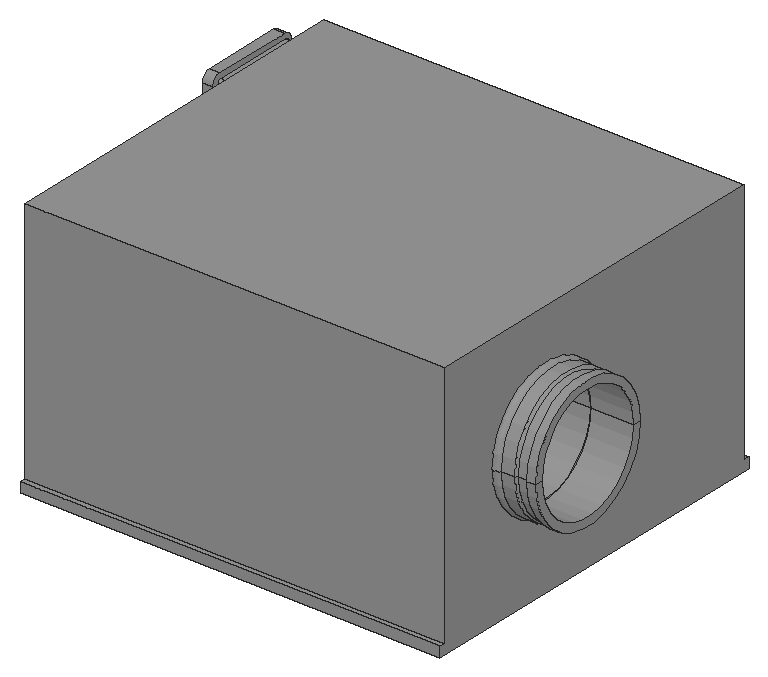
Revit family "IRE 125 B1 AC_7900075", category Mechanical Equipment, Revit 2014
Parameters (values of type "IRE 125 B1 AC")
  Wiring diagram = "4040001"
  Width = 483 mm
  Weight = 9.70 kg
  Voltage range = "220-240 V"
  Voltage = 230 V
  Speed = "1650 rpm"
  Sound pressure level at 3 m = "35 dB(A)"
  Power = 99 W
  Phase = 1
  Max. temperature of transported air when speed controlled = 70 °C
  Max. temperature of transported air = 70 °C
  Main Material = Steel, Galvanized
  Height = 245 mm
  Frequency = 50 Hz
  Elevation [instance] = 2600 mm
  Diameter = 125 mm
  Description = "Insulated duct fans with circular connections"
  Depth = 367 mm
  Current = 0.42 A
  Capacitor = "2 μF"
Reference planes
  plane 1 "Center (Front/Back)": y = 0
  plane 2: z = 0
  plane 3 "Center (Left/Right)": x = 0
  plane 4: z = 2600
Dimensions and locks
  "Elevation": plane 4 to plane 2
  aligned and locked: level to plane 2
  aligned and locked: nested 1 to plane 4
  aligned and locked: plane 3 "Center (Left/Right)" to nested 1
  aligned and locked: plane 1 "Center (Front/Back)" to nested 1
  aligned and locked: nested 1 to nested 2  (x2)
Nested families
  nested 1: "IRE" at (0, 0, 2600), type "IRE"
  nested 2: "Flow direction symbol" at (0, 0, 0), type "Flow direction symbol"
Connectors
  hvac at (-241.5, -59.5, 2735), driven by "Diameter"
    settings: on nested 1, index 1, duct flow 0.0 L/s, flow factor 0, pres drop 0.0 Pa, loss coef 0, conn angle 0.00°, conn width 304.8 mm, conn height 304.8 mm, conn diameter 125 mm, duct sys type 1, conn prof type 0, flow config 0, flow direction 1, loss method 0, conn ref index -1, conn util no, is conn primary yes, conn desc ""
  electrical at (-241.5, 132, 2779.5), driven by "Phase", driven by "Voltage", driven by "Power"
    settings: on nested 1, index 2, voltage 230 V, apparent load 0 VA, apparent load phase1 99 VA, apparent load phase2 0 VA, apparent load phase3 0 VA, power factor 1, load classification "HVAC", number of poles 1, system type 31, power factor state 1, is connector primary yes, connector utility no, sub classification motor no, connector description ""
  hvac at (241.5, -59.5, 2735), driven by "Diameter"
    settings: on nested 1, index 3, duct flow 0.0 L/s, flow factor 0, pres drop 0.0 Pa, loss coef 0, conn angle 0.00°, conn width 304.8 mm, conn height 304.8 mm, conn diameter 125 mm, duct sys type 3, conn prof type 0, flow config 0, flow direction 2, loss method 0, conn ref index -1, conn util no, is conn primary no, conn desc ""
Definition of nested family "IRE"
  Parameters (values of type "IRE")
    Width = 483 mm
    Main Material = Steel, Galvanized
    Height = 245 mm
    Description = ""
    Depth = 367 mm
  Reference planes
    plane 1 "Center (Front/Back)": y = 0
    plane 2: z = 0
    plane 3 "Center (Left/Right)": x = 0
    plane 4: z = 245
    plane 5 "Horizontal Pipe Axis": z = 135
    plane 6: z = 10
    plane 7: z = 235
    plane 8: x = -200
    plane 9: x = 200
    plane 10: x = -241.5
    plane 11: x = 241.5
    plane 12: y = 183.5
    plane 13: y = -183.5
    plane 14 "Vertical Pipe Axis": y = -59.5
    plane 15: x = -231.5
  Forms (mm)
    Extrusion 1, solid, material "Steel, Galvanized" <- "Main Material", detail levels medium+fine
      sketch origin (0, 0, 0) x (0, 1, 0) y (0, 0, 1)
        loop
          line (-183.5, 0) -> (183.5, 0) -> (183.5, 10) -> (178.5, 10) -> (178.5, 11) -> (178.5, 245) -> (-178.5, 245) -> (-178.5, 10) -> (-183.5, 10) -> (-183.5, 0)
      from -200 to 200
    Extrusion 2, void
      sketch origin (0, 0, 0) x (0, 1, 0) y (0, 0, 1)
        loop
          circle (-59.5, 135) r 55
      from -809.837 to 500.936
    Extrusion 3, solid, material "Steel, Galvanized" <- "Main Material", detail levels coarse
      sketch origin (0, 0, 0) x (0, 1, 0) y (0, 0, 1)
        loop
          circle (-59.5, 135) r 62.5
      from 200 to 241.5
    Extrusion 4, solid, material "Steel, Galvanized" <- "Main Material", detail levels coarse
      sketch origin (0, 0, 0) x (0, 1, 0) y (0, 0, -1)
        loop
          circle (-59.5, -135) r 62.5
      from 200 to 241.5
    Revolve 5, solid, material "Steel, Galvanized" <- "Main Material", detail levels medium+fine
      sketch origin (0, 0, 135) x (-1, 0, 0) y (0, -1, 0)
        loop
          line (241.5, 59.5) -> (200, 59.5) -> (200, -3.625)
          arc (200, -3.625) -> (204.25, -5.625) -> (208.5, -3.625) r 5.516
          line (208.5, -3.625) -> (220.875, -3.625) -> (223.5, -1) -> (233.5, -1) -> (233.5, -3) -> (241.5, -3) -> (241.5, 59.5)
        axis (200, 59.5) -> (241.5, 59.5)
      angle from 0 to 360
    Revolve 6, solid, material "Steel, Galvanized" <- "Main Material", detail levels medium+fine
      sketch origin (0, 0, 135) x (-1, 0, 0) y (0, -1, 0)
        loop
          line (-241.5, 59.5) -> (-241.5, -3) -> (-233.5, -3) -> (-233.5, -1) -> (-223.5, -1) -> (-221.5, -3) -> (-208.5, -3)
          arc (-208.5, -3) -> (-204.25, -5) -> (-200, -3) r 5.516
          line (-200, -3) -> (-200, 59.5) -> (-241.5, 59.5)
        axis (-200, 59.5) -> (-241.5, 59.5)
      angle from 0 to 360
    Extrusion 7, solid, material "Steel, Galvanized" <- "Main Material", detail levels coarse
      sketch origin (0, 0, 0) x (0, 1, 0) y (0, 0, 1)
        loop
          line (183.5, 245) -> (-183.5, 245) -> (-183.5, 0) -> (183.5, 0) -> (183.5, 245)
      from -200 to 200
    Sweep 8, solid, material "Plastic, Opaque White", detail levels medium+fine
      path origin (0, 0, 0) x (1, 0, 0) y (0, 1, 0)
        loop
          line (-231.5, 173.5) -> (-241.5, 173.5)
      profile origin (-236.5, 173.5, 0) x (0, -1, 0) y (0, 0, 1)
        loop
          arc (3.073, 226) -> (-2.635, 223.635) -> (-5, 217.927) r 8.073
          line (-5, 217.927) -> (-5, 141.073)
          arc (-5, 141.073) -> (-2.635, 135.365) -> (3.073, 133) r 8.073
          line (3.073, 133) -> (79.927, 133)
          arc (79.927, 133) -> (85.635, 135.365) -> (88, 141.073) r 8.073
          line (88, 141.073) -> (88, 217.927)
          arc (88, 217.927) -> (85.635, 223.635) -> (79.927, 226) r 8.073
          line (79.927, 226) -> (3.073, 226)
    Sweep 9, solid, material "Plastic, Opaque White", detail levels medium+fine
      path origin (0, 0, 0) x (1, 0, 0) y (0, 1, 0)
        loop
          line (-231.5, 132) -> (-200, 132)
      profile origin (-215.75, 132, 0) x (0, 1, 0) y (0, 0, 1)
        loop
          line (38.427, 221) -> (-38.427, 221)
          arc (-38.427, 221) -> (-40.6, 220.1) -> (-41.5, 217.927) r 3.073
          line (-41.5, 217.927) -> (-41.5, 141.073)
          arc (-41.5, 141.073) -> (-40.6, 138.9) -> (-38.427, 138) r 3.073
          line (-38.427, 138) -> (38.427, 138)
          arc (38.427, 138) -> (40.6, 138.9) -> (41.5, 141.073) r 3.073
          line (41.5, 141.073) -> (41.5, 217.927)
          arc (41.5, 217.927) -> (40.6, 220.1) -> (38.427, 221) r 3.073
  Cuts and joins
    Extrusion 2 cuts Extrusion 1
    joined: Sweep 8, Sweep 9
    Extrusion 2 cuts Revolve 6
    Extrusion 2 cuts Revolve 5
  Dimensions and locks
    equal spacing: plane 10, plane 3 "Center (Left/Right)", plane 11
    "Width": plane 10 to plane 11
    plane 4 to plane 5 "Horizontal Pipe Axis" = 110 mm
    "Height": plane 4 to level
    locked: plane 4 to plane 7 at 10
    locked: plane 10 to plane 15 at 10
    locked: plane 10 to plane 8 at 41.5
    locked: plane 9 to plane 11 at 41.5
    "Depth": plane 13 to plane 12
    locked: plane 14 "Vertical Pipe Axis" to Revolve 5 sketch curve at 62.5
    locked: plane 14 "Vertical Pipe Axis" to Revolve 5 sketch curve at 60.5
    locked: plane 14 "Vertical Pipe Axis" to Revolve 5 sketch curve at 63.125
    locked: Revolve 6 sketch curve to plane 14 "Vertical Pipe Axis" at 60.5
    locked: Revolve 6 sketch curve to plane 14 "Vertical Pipe Axis" at 62.5  (x2)
    locked: plane 14 "Vertical Pipe Axis" to Revolve 6 sketch curve at 62.5
    equal spacing: plane 13, plane 1 "Center (Front/Back)", plane 12
    aligned and locked: level to plane 2
    aligned and locked: Extrusion 1 sketch curve to plane 13
    aligned and locked: plane 2 to Extrusion 1 sketch curve
    aligned and locked: Extrusion 1 sketch curve to plane 12
    aligned and locked: Extrusion 1 to plane 9
    aligned and locked: Extrusion 1 to plane 8
    aligned and locked: Extrusion 3 to plane 11
    aligned and locked: plane 9 to Extrusion 3
    aligned and locked: Extrusion 4 to plane 10
    aligned and locked: plane 8 to Extrusion 4
    aligned and locked: Extrusion 4 to plane 8
    aligned and locked: plane 9 to Revolve 6
    aligned and locked: plane 4 to Extrusion 7 sketch curve
    aligned and locked: plane 12 to Extrusion 7 sketch curve
    aligned and locked: Extrusion 7 sketch curve to cut or joined group of Extrusion 1, Extrusion 2  (x2)
    aligned and locked: Extrusion 7 to plane 8
    aligned and locked: Extrusion 7 to plane 9
    aligned and locked: plane 10 to Sweep 8 sketch curve
    aligned and locked: plane 15 to Sweep 8 sketch curve
    aligned and locked: plane 8 to Sweep 9 sketch curve
    aligned and locked: plane 15 to Sweep 9 sketch curve
    aligned and locked: Revolve 5 sketch curve to plane 14 "Vertical Pipe Axis"  (x2)
    aligned and locked: plane 14 "Vertical Pipe Axis" to Revolve 6 sketch curve  (x2)
  Automatic sketch dimensions
    Extrusion 1 sketch curve to plane 4 = 0 mm
    Extrusion 1 sketch curve to plane 6 = 0 mm  (x2)
    Extrusion 1 sketch curve to plane 13 = 5 mm
    Extrusion 1 sketch curve to plane 12 = 5 mm
    plane 6 to Extrusion 1 sketch curve = 1 mm
    Extrusion 3 sketch curve to plane 5 "Horizontal Pipe Axis" = 0 mm
    Extrusion 3 sketch curve to plane 14 "Vertical Pipe Axis" = 0 mm
    Extrusion 4 sketch curve to plane 5 "Horizontal Pipe Axis" = 0 mm
    Extrusion 4 sketch curve to plane 14 "Vertical Pipe Axis" = 0 mm
    Sweep 8 sketch curve to profile plane = 3.073 mm
    Sweep 8 sketch curve to Sweep 8 sketch curve = 8.073 mm  (x2)
    Sweep 8 sketch curve to Sweep 8 sketch curve = 76.854 mm  (x2)
    Sweep 8 sketch curve to Sweep 8 sketch curve = 0 mm
    Sweep 9 sketch curve to profile plane = 38.427 mm
    level to Sweep 9 sketch curve = 217.927 mm
    profile plane to Sweep 9 sketch curve = 38.427 mm
    Sweep 9 sketch curve to Sweep 9 sketch curve = 3.073 mm  (x4)
    Sweep 9 sketch curve to Sweep 9 sketch curve = 76.854 mm
    Sweep 8 sketch curve to plane 12 = 10 mm
    profile plane to Sweep 8 sketch curve = 5 mm
    Sweep 9 sketch curve to plane 12 = 51.5 mm
    Extrusion 2 sketch curve to plane 5 "Horizontal Pipe Axis" = 0 mm
    Extrusion 2 sketch curve to plane 14 "Vertical Pipe Axis" = 0 mm
    Revolve 5 sketch curve to plane 8 = 0 mm  (x2)
    Revolve 5 sketch curve to plane 10 = 0 mm
    Revolve 5 sketch curve to plane 8 = 4.25 mm
    Revolve 5 sketch curve to Revolve 5 sketch curve = 4.25 mm
    Revolve 5 sketch curve to plane 15 = 2 mm
    Revolve 5 sketch curve to Revolve 5 sketch curve = 0.89 mm
    Revolve 5 sketch curve to Revolve 5 sketch curve = 93.5 mm
    plane 15 to Revolve 5 sketch curve = 10.625 mm
    Revolve 5 sketch curve to Revolve 5 sketch curve = 2.625 mm
    Revolve 6 sketch curve to plane 11 = 0 mm
    Revolve 6 sketch curve to plane 9 = 0 mm  (x2)
    plane 11 to Revolve 6 sketch curve = 8 mm
    Revolve 6 sketch curve to plane 9 = 4.25 mm
    Revolve 6 sketch curve to Revolve 6 sketch curve = 3.515 mm
    Revolve 6 sketch curve to Revolve 6 sketch curve = 93.5 mm
    Revolve 6 sketch curve to Revolve 6 sketch curve = 10 mm
    Revolve 6 sketch curve to Revolve 6 sketch curve = 2 mm
    level to Sweep 8 sketch curve = 133 mm
    radius of Extrusion 3 sketch curve = 62.5 mm
    radius of Extrusion 4 sketch curve = 62.5 mm
    radius of Extrusion 2 sketch curve = 55 mm
Definition of nested family "Flow direction symbol"
  Parameters (values of type "Flow direction symbol")
    Warning = "!"
    Text = "DIMENSIONS OVERCONSTRAINT"
  Reference planes
    plane 1: y = 0
    plane 2: x = 0
  Lines and regions (mm)
    detail lines
      curve 1: line (-0.506, 0.877, 0) -> (-0.506, -0.877, 0)
      curve 2: line (1.012, 0, 0) -> (-0.506, -0.877, 0)
      curve 3: line (-0.506, 0.877, 0) -> (1.012, 0, 0)
      curve 4: circle (0, 0, 0) r 1 normal (0, 0, 1)
